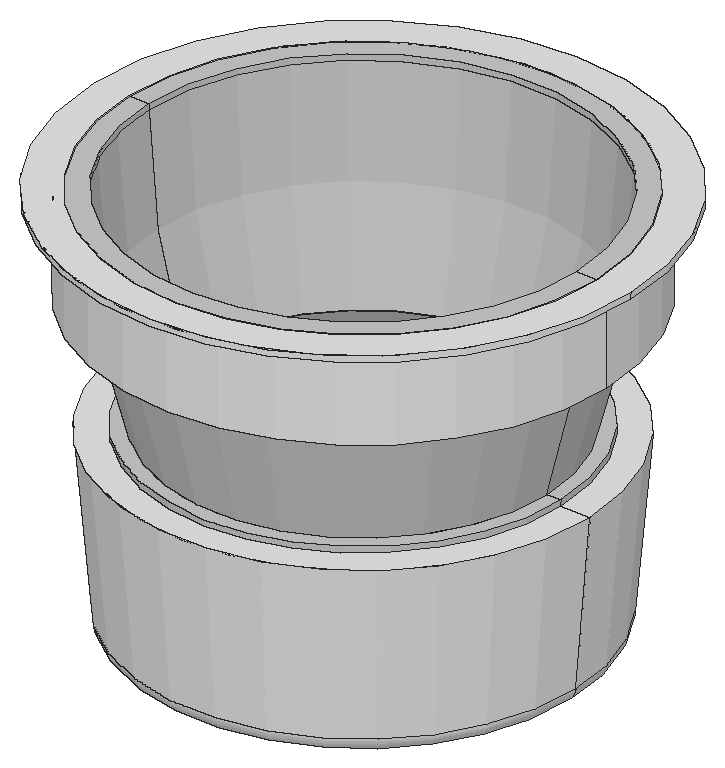
Revit family "2698775", category Lighting Fixtures, host Face, Revit 2018
Family settings
  Host = Face
  Round Connector Dimension = Use Diameter
  Part Type = Normal
  OmniClass Number = 23.80.70.11.17
  OmniClass Title = Specialized Lighting by Location or Use
  Cut with Voids When Loaded = No
  Light Source = Yes
  Shared = No
  Room Calculation Point = No
Parameters (values of type "2698775 ASCENT 150 II 2200 DALI TUNABLE ")
  Upper Body Radius = Radius - 14.5 mm  # 80.0 mm
  Upper Body Material = Metal_Sylvania_Ascent 150 II_Black
  Ring Outer Diameter = Diameter - 17.0 mm  # 172.0 mm
  Ring Inner Diameter = Ring Outer Diameter - 4.0 mm  # 168.0 mm
  Reflector Material = Metal_Sylvania_Ascent 150 II_Polished
  Recessed Depth = 142.0 mm
  Radius = Diameter / 2  # 94.5 mm
  Light Emit  Diameter = Diameter - 38.0 mm  # 151.0 mm
  LOR = "100%"  # constant formula
  Keynote = "n/a"
  Inrush Current (max. quantity per 16A C breaker) = "80"  # constant formula
  Inner Reflector Radius = Inner Radius - 19.5 mm  # 63.0 mm
  Inner Radius = Inner Diameter / 2  # 82.5 mm
  Inner Diameter = Diameter - 24.0 mm  # 165.0 mm
  IP Rating = "IP44"  # constant formula
  IK Rating = "IK02"  # constant formula
  Glow Wire Test = 650 °C  # constant formula
  Energy Class = "A++,A+,A"  # constant formula
  Weight = 2.45 kg
  Wattage = 25.9048 W
  built-in parameter 1150110 = 1 (stored number, unit not read)
  Voltage Comments = "UNV (Universal Voltage; 220-240 Volt)"  # constant formula
  Voltage = 230 V  # constant formula
  URL = "0.96"
  built-in parameter 1114217 = 1 (stored number, unit not read)
  Tilt Angle = -90°
  built-in parameter 1150109 = 1 (stored number, unit not read)
  built-in parameter 1150134 = 12
  built-in parameter 1150113 = 1 (stored number, unit not read)
  Product Page URL = "https://www.sylvania-lighting.com/product/en-int/products/2059371"
  Product Family = "ASCENT 150 II ROUND"  # constant formula
  Photometry Comments = ""
  Photometric Web File = "2698775_.ies"
  Life = "50 000 h"  # constant formula
  Emit from Circle Diameter = Light Emit  Diameter  # 151.0 mm
  Emit Shape Visible in Rendering = no
  Emergency duration (h) = "N/A"
  Electrical Protection = "Class II"  # constant formula
  Drive Current = "1000mA"  # constant formula
  Distribution type = "Direct"  # constant formula
  Diffuser Material = Glass_Sylvania_Ascent 150 II_Clear_4000K
  Diameter = 189.0 mm
  Cutout Diameter = Diameter - 13.0 mm  # 176.0 mm
  Colour consistency (SDCM) = "3 step"  # constant formula
  built-in parameter 1114216 [instance] = 1 (stored number, unit not read)
  Model = "ASCENT 150 II 2200 DALI TUNABLE"
  Manufacturer = ""
  built-in parameter 1150105 = 253.56 (stored number, unit not read)
  Lumens = 3186.29 lm
  built-in parameter 1150115 = 1 (stored number, unit not read)
  built-in parameter 1150137 = (empty or 0)
  built-in parameter 1150139 = (empty or 0)
  built-in parameter 1150112 = 1 (stored number, unit not read)
  built-in parameter 1150114 = 1 (stored number, unit not read)
  Lamp Comments = "Integrated LED"  # constant formula
  Lamp = "LED"  # constant formula
  built-in parameter 1150132 = 2
  built-in parameter 1150102 = (empty or 0)
  built-in parameter 1150107 = 4000 (stored number, unit not read)
  built-in parameter 1150138 = (empty or 0)
  built-in parameter 1150106 = 2.5356 (stored number, unit not read)
  built-in parameter 1150104 = 11.427 (stored number, unit not read)
  Dimming Lamp Color Temperature Shift = <None>
  Description = "A very high efficient round downlight up to 127lm/W Long life >50,000hrs 4,000K and 3,000K CCT and CRI Ra85 IP44 rated for wet areas and bathrooms UGR <19 version for offices to comply with EN12464-1 Wide selection of decorative accessories"  # constant formula
  Default Elevation = 0.0 mm
  Color Filter = 16777215
  Catalog Number = "2059371 ASCENT 150 II 3400 4K DALI EM"
  built-in parameter 1140040 [instance] = 1
  CRI (Ra) = ">80"  # constant formula
  built-in parameter 1114218 = 1 (stored number, unit not read)
  built-in parameter 1150133 = 10 (stored number, unit not read)
  Assembly Code = "D5020200"
  Apparent Load Comments = ""
  Apparent Load = 25 VA
  Accessory Material = Aluminum_Sylvania_Ascent 150 II_White
Reference planes
  plane 1 "Center (Front/Back)": y = 0
  plane 2: z = 0
  plane 3 "Center (Left/Right)": x = 0
  plane 4: z = 2
  plane 5: z = -74
  plane 6 "Fixture Top": z = -140
  plane 7: z = -31
  plane 8: z = -72
  plane 9: z = -62.037
Forms (mm)
  Extrusion 1, solid, material "Aluminum_Sylvania_Ascent 150 II_White" <- "Accessory Material", detail levels fine
    sketch origin (0, 0, 0) x (1, 0, 0) y (0, 1, 0)
      loop
        circle (0, 0) r 94.5
      loop
        circle (0, 0) r 82.5
    from 0 to 2
  Extrusion 2, void
    sketch origin (0, 0, 0) x (1, 0, 0) y (0, 1, 0)
      loop
        circle (0, 0) r 88
    from -140 to 2
  Revolve 3, solid, material "Metal_Sylvania_Ascent 150 II_Polished" <- "Reflector Material", detail levels fine
    sketch origin (0, 0, 0) x (1, 0, 0) y (0, 0, 1)
      loop
        line (-82.5, 0) -> (-77.5, 0)
        arc (-77.5, 0) -> (-74.352, -36.539) -> (-65, -72) r 213.61
        line (-65, -72) -> (-70, -72) -> (-70, -74) -> (0, -74) -> (0, -72) -> (-63, -72)
        arc (-63, -72) -> (-72.352, -36.539) -> (-75.5, 0) r 213.61
        line (-75.5, 0) -> (-75.5, 2) -> (-82.5, 2) -> (-82.5, 0)
      axis (0, 2) -> (0, -74)
    angle from 0 to 360
  Extrusion 4, solid, material "Aluminum_Sylvania_Ascent 150 II_White" <- "Accessory Material", detail levels fine
    sketch origin (0, 0, 0) x (1, 0, 0) y (0, 1, 0)
      loop
        circle (0, 0) r 86
      loop
        circle (0, 0) r 84
    from -31 to 0
  Revolve 5, solid, material "Glass_Sylvania_Ascent 150 II_Clear_4000K" <- "Diffuser Material", detail levels fine
    sketch origin (0, 0, 0) x (1, 0, 0) y (0, 0, 1)
      loop
        line (-63, -72) -> (0, -72) -> (0, -62.037)
        arc (0, -62.037) -> (-31.891, -64.543) -> (-63, -72) r 204.163
      axis (0, -62.037) -> (0, -72)
    angle from 0 to 360
  Revolve 6, solid, material "Metal_Sylvania_Ascent 150 II_Black" <- "Upper Body Material", detail levels fine
    sketch origin (0, 0, 0) x (1, 0, 0) y (0, 0, 1)
      loop
        line (0, -74) -> (-80, -74) -> (-75.107, -129.929)
        arc (-75.107, -129.929) -> (-73.452, -133.536) -> (-69.924, -135.353) r 6.079
        arc (-69.924, -135.353) -> (-35.039, -138.837) -> (0, -140) r 528.435
        line (0, -140) -> (0, -74)
      axis (0, -74) -> (0, -140)
    angle from 0 to 360
  Revolve 7, solid, material "Aluminum_Sylvania_Ascent 150 II_White" <- "Accessory Material", detail levels coarse+medium
    sketch origin (0, 0, 0) x (1, 0, 0) y (0, 0, 1)
      loop
        arc (-69.924, -135.353) -> (-35.039, -138.837) -> (0, -140) r 528.435
        line (0, -140) -> (0, 2) -> (-94.5, 2) -> (-94.5, 0) -> (-86, 0) -> (-86, -31)
        arc (-86, -31) -> (-84.493, -52.708) -> (-80, -74) r 157.083
        line (-80, -74) -> (-75.107, -129.929)
        arc (-75.107, -129.929) -> (-73.452, -133.536) -> (-69.924, -135.353) r 6.079
      axis (0, 2) -> (0, -140)
    angle from 0 to 360
Cuts and joins
  joined: Extrusion 1, Extrusion 4
Lines and regions (mm)
  Masking region 1
    outline origin (0, 0, 0) x (1, 0, 0) y (0, 1, 0)
      loop
        circle (0, 0) r 94.5
  symbolic lines, detail levels fine
    curve 1: arc (-75.5, 0, 0) -> (0, 75.5, 0) -> (75.5, 0, 0) r 75.5
    curve 2: arc (75.5, 0, 0) -> (0, -75.5, 0) -> (-75.5, 0, 0) r 75.5
Dimensions and locks
  plane 4 to plane 2 to plane 7 to plane 9 to plane 8 to plane 5 = 2.0 mm locked, 31.0 mm locked, 31.037 mm locked, 9.963 mm locked, 2.0 mm locked
  "Inner Radius": plane 3 "Center (Left/Right)" to Revolve 3 sketch curve
  locked: Revolve 3 sketch curve to Revolve 3 sketch curve at 7
  Revolve 3 sketch curve to Revolve 3 sketch curve to Revolve 3 sketch curve to Revolve 3 sketch curve = 2.0 mm locked, 5.0 mm locked, 12.5 mm locked
  "Inner Reflector Radius": Revolve 5 sketch curve to imposter light
  Revolve 6 sketch curve to Revolve 6 sketch curve to plane 6 "Fixture Top" = 5.424 mm locked, 4.647 mm locked
  "Recessed Depth": plane 4 to plane 6 "Fixture Top"
  "Upper Body Radius": plane 3 "Center (Left/Right)" to Revolve 6 sketch curve
  Revolve 6 sketch curve to Revolve 6 sketch curve to Revolve 6 sketch curve = 4.893 mm locked, 5.183 mm locked
  Revolve 7 sketch curve to Revolve 7 sketch curve to plane 6 "Fixture Top" = 5.424 mm locked, 4.647 mm locked
  Revolve 7 sketch curve to Revolve 7 sketch curve to Revolve 7 sketch curve to Revolve 7 sketch curve to Revolve 7 sketch curve = 8.5 mm locked, 6.0 mm locked, 4.893 mm locked, 5.183 mm locked
  "Radius": plane 3 "Center (Left/Right)" to Revolve 7 sketch curve
  "Diameter": diameter of Extrusion 1 sketch curve
  "Inner Diameter": diameter of Extrusion 1 sketch curve
  "Cutout Diameter": diameter of Extrusion 2 sketch curve
  "Ring Outer Diameter": diameter of Extrusion 4 sketch curve
  "Ring Inner Diameter": diameter of Extrusion 4 sketch curve
  aligned and locked: plane 2 to host face
  aligned and locked: level to host face
  aligned and locked: imposter light to plane 3 "Center (Left/Right)"
  aligned and locked: imposter light to plane 1 "Center (Front/Back)"
  aligned and locked: Extrusion 1 to plane 2
  aligned and locked: plane 4 to Extrusion 1
  aligned and locked: imposter light to plane 4
  aligned and locked: imposter light to Revolve 3 sketch curve
  aligned and locked: Revolve 3 sketch curve to imposter light
  aligned and locked: Revolve 3 sketch curve to plane 2
  aligned and locked: Revolve 3 sketch curve to Revolve 3 sketch curve
  aligned and locked: plane 5 to Revolve 3 sketch curve
  aligned and locked: Extrusion 4 to plane 7
  aligned and locked: Revolve 3 sketch curve to plane 8
  aligned and locked: Revolve 5 sketch curve to plane 8
  aligned and locked: imposter light to Revolve 5 sketch curve  (x2)
  aligned and locked: imposter light to Revolve 6 sketch curve  (x2)
  aligned and locked: plane 5 to Revolve 6 sketch curve
  aligned and locked: plane 6 "Fixture Top" to Revolve 6 sketch curve
  aligned and locked: Revolve 7 sketch curve to plane 2
  aligned and locked: plane 4 to Revolve 7 sketch curve
  aligned and locked: plane 7 to Revolve 7 sketch curve
  aligned and locked: imposter light to Extrusion 2
  aligned and locked: Extrusion 2 to plane 6 "Fixture Top"
  aligned and locked: Masking region 1 sketch curve to Revolve 7  (x2)
  aligned and locked: curve 1 to Revolve 3
  aligned and locked: curve 2 to Revolve 3
Automatic sketch dimensions
  host sketch curve to host sketch curve = 1040.406 mm
  host sketch curve to host sketch curve = 988.385 mm
  Extrusion 1 sketch curve to Extrusion 1 sketch curve = 0.0 mm  (x2)
  plane 1 "Center (Front/Back)" to Extrusion 1 sketch curve = 0.0 mm
  Extrusion 1 sketch curve to plane 3 "Center (Left/Right)" = 0.0 mm
  plane 1 "Center (Front/Back)" to Extrusion 2 sketch curve = 0.0 mm
  Extrusion 2 sketch curve to plane 3 "Center (Left/Right)" = 0.0 mm
  Revolve 3 sketch curve to plane 3 "Center (Left/Right)" = 0.0 mm
  Revolve 3 sketch curve to level = 0.0 mm
  Revolve 3 sketch curve to Revolve 3 sketch curve = 2.0 mm
  Revolve 3 sketch curve to plane 5 = 27.065 mm
  plane 4 to Revolve 3 sketch curve = 16.525 mm
  Extrusion 4 sketch curve to Extrusion 4 sketch curve = 0.0 mm  (x2)
  plane 1 "Center (Front/Back)" to Extrusion 4 sketch curve = 0.0 mm
  Extrusion 4 sketch curve to plane 3 "Center (Left/Right)" = 0.0 mm
  Revolve 5 sketch curve to plane 9 = 0.0 mm
  Revolve 5 sketch curve to plane 5 = 17.158 mm
  Revolve 5 sketch curve to plane 7 = 15.158 mm
  Revolve 6 sketch curve to plane 7 = 0.0 mm
  Revolve 6 sketch curve to Revolve 6 sketch curve = 6.05 mm
  Revolve 6 sketch curve to plane 6 "Fixture Top" = 26.0 mm
  Revolve 7 sketch curve to plane 3 "Center (Left/Right)" = 0.0 mm  (x2)
  Revolve 7 sketch curve to plane 6 "Fixture Top" = 0.0 mm
  Revolve 7 sketch curve to plane 5 = 0.0 mm
  Revolve 7 sketch curve to plane 7 = 0.0 mm
  Revolve 7 sketch curve to Revolve 7 sketch curve = 0.866 mm
  Revolve 7 sketch curve to Revolve 7 sketch curve = 26.0 mm
Connectors
  electrical at (0, 0, -140), driven by "Apparent Load", driven by "Voltage"
    settings: index 1, voltage 230 V, apparent load 0 VA, apparent load phase1 25 VA, apparent load phase2 0 VA, apparent load phase3 0 VA, power factor 1, load classification "Lighting", number of poles 1, system type 31, power factor state 1, is connector primary yes, connector utility no, sub classification motor no, connector description ""
